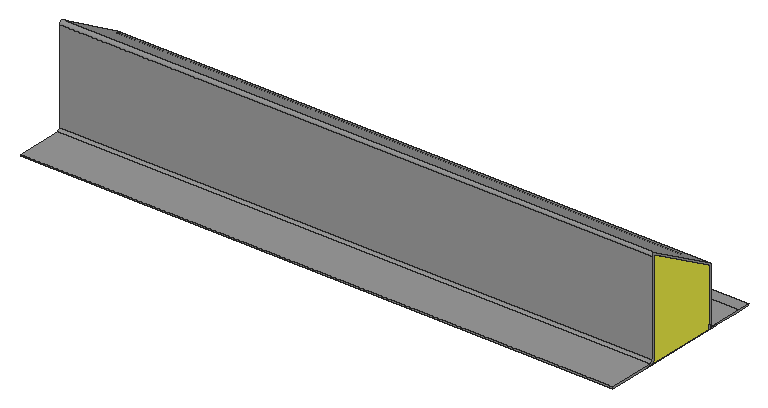
Revit family "HDK 150", category Generic Models, Revit 2014
Parameters (values of type "Max lintel length 4000mm")
  URL = "http://www.keystonelintels.co.uk"
  Structural Opening [instance] = 900 mm
  Structural Performance = "The Keystone lintel range has safe working loads as detailed in each applicable loading table in the Keystone Lintel Guide brochure. The structural performance figures within each table have been ascertained by testing in accordance with the requirements of standards BS EN 5977-2: 1983 and BS EN 845-2: 2003."
  RIBA Productor Selector = "available for Keystone Lintels Ltd from Keystone Lintels Ltd from ribaproductselector.com"
  Model = "HD/K 150"
  Min Length = 600 mm
  Min Clear Span = 300 mm
  Max Length = 4000 mm
  Max Clear Span = 4800 mm
  Material - Stainless Steel = "Grade 304 2b 1.4307 to BS EN 10088-2. Other grades available on request: contact manufacturer."
  Material - Galvanised Steel = "To BS EN 10346: 2009. DX51D plus Z600 or grade Z275 to BS 5977-2: 1983 (BS EN 845-2: 2003)."
  Manufacturer = "Keystone"
  Manufactured Length [instance] = (roundup(Effective Length / 150 mm) * 150 mm)  # 1200 mm
  Lintel height [instance] = 2100 mm
  Keynote = "F30/755"
  Fire Performance = "Keystone lintels have been subjected to a fire test (WARRES No. 101263) in accordance with BS 476-20: 1987, at Exova Warrington Fire and achieved a one hour fire performance."
  End Bearing = 150 mm
  Effective Length [instance] = Clear Opening with MIN MAX set + End Bearing * 2  # 1200 mm
  Corrosion = "Keystone’s standard range of lintels are manufactured from high quality grade pre-galvanized carbon steel with a zinc coating of 600"
  Contact Tel = "+44 (0)28 8676 2184"
  Contact Email = "info@keystonelintels.co.uk"
  Clear Opening with MIN MAX set [instance] = if(Structural Opening < Min Clear Span, Min Clear Span, (if(Structural Opening > Max Clear Span, Max Clear Span, Structural Opening)))  # 900 mm
  CPD Information = "Available for Keystone Lintels Ltd from ribacpd.com"
Reference planes
  plane 1 "Center (Front/Back)": y = 0
  plane 2: z = 0
  plane 3 "Center (Left/Right)": x = 0
  plane 4: x = -600
  plane 5: x = 600
  plane 6: z = 2100
  plane 7: x = -450
  plane 8: x = 450
Forms (mm)
  Extrusion 1, solid, material "Steel"
    sketch origin (0, 713.492, -510.749) x (0, 1, 0) y (0, 0, 1)
      loop
        line (-545.482, 2613.033) -> (-570.491, 2613.949) -> (-635.491, 2613.949)
        arc (-635.491, 2613.949) -> (-639.026, 2615.414) -> (-640.491, 2618.949) r 5
        line (-640.491, 2618.949) -> (-640.491, 2725.945)
        arc (-640.491, 2725.945) -> (-641.186, 2728.544) -> (-643.087, 2730.447) r 5.2
        line (-643.087, 2730.447) -> (-780.692, 2810.036)
        arc (-780.692, 2810.036) -> (-785.892, 2810.036) -> (-788.491, 2805.532) r 5.198
        line (-788.491, 2805.532) -> (-788.491, 2618.949)
        arc (-788.491, 2618.949) -> (-789.955, 2615.414) -> (-793.491, 2613.949) r 5
        line (-793.491, 2613.949) -> (-888.491, 2613.949) -> (-888.491, 2610.749) -> (-793.491, 2610.749)
        arc (-793.491, 2610.749) -> (-787.693, 2613.151) -> (-785.291, 2618.949) r 8.2
        line (-785.291, 2618.949) -> (-785.291, 2805.532)
        arc (-785.291, 2805.532) -> (-784.292, 2807.263) -> (-782.294, 2807.266) r 2
        line (-782.294, 2807.266) -> (-644.689, 2727.677)
        arc (-644.689, 2727.677) -> (-643.958, 2726.945) -> (-643.691, 2725.945) r 2
        line (-643.691, 2725.945) -> (-643.691, 2618.949)
        arc (-643.691, 2618.949) -> (-641.289, 2613.151) -> (-635.491, 2610.749) r 8.2
        line (-635.491, 2610.749) -> (-570.549, 2610.749) -> (-545.599, 2609.835) -> (-545.482, 2613.033)
    from -600 to 600
  Extrusion 2, solid, material "Insulation"
    sketch origin (0, 713.492, -510.749) x (0, 1, 0) y (0, 0, 1)
      loop
        line (-643.691, 2618.949) -> (-643.691, 2725.945)
        arc (-643.691, 2725.945) -> (-643.958, 2726.945) -> (-644.689, 2727.677) r 2
        line (-644.689, 2727.677) -> (-782.294, 2807.266)
        arc (-782.294, 2807.266) -> (-784.292, 2807.263) -> (-785.291, 2805.532) r 2
        line (-785.291, 2805.532) -> (-785.291, 2618.949)
        arc (-785.291, 2618.949) -> (-787.693, 2613.151) -> (-793.491, 2610.749) r 8.2
        line (-793.491, 2610.749) -> (-644.689, 2610.749) -> (-644.689, 2618.749) -> (-643.689, 2618.749) -> (-643.689, 2610.749) -> (-635.491, 2610.749)
        arc (-635.491, 2610.749) -> (-641.289, 2613.151) -> (-643.691, 2618.949) r 8.2
    from -600 to 600
  Extrusion 3, solid, material "Steel"
    sketch origin (0, 713.492, -510.749) x (0, 1, 0) y (0, 0, 1)
      loop
        line (-643.689, 2610.749) -> (-643.689, 2618.749) -> (-644.689, 2618.749) -> (-644.689, 2610.749) -> (-801.689, 2610.749) -> (-801.689, 2609.749) -> (-626.689, 2609.749) -> (-626.689, 2610.749) -> (-643.689, 2610.749)
    from -600 to 600
  Extrusion 4, solid, not visible
    sketch origin (0, 941.053, 1144.876) x (0, 1, 0) y (0, 0, 1)
      loop
        line (-545.482, 1013.033) -> (-570.491, 1013.949) -> (-635.491, 1013.949)
        arc (-635.491, 1013.949) -> (-639.026, 1015.414) -> (-640.491, 1018.949) r 5
        line (-640.491, 1018.949) -> (-640.491, 1125.945)
        arc (-640.491, 1125.945) -> (-641.186, 1128.544) -> (-643.087, 1130.447) r 5.2
        line (-643.087, 1130.447) -> (-780.692, 1210.036)
        arc (-780.692, 1210.036) -> (-785.892, 1210.036) -> (-788.491, 1205.532) r 5.198
        line (-788.491, 1205.532) -> (-788.491, 1018.949)
        arc (-788.491, 1018.949) -> (-789.955, 1015.414) -> (-793.491, 1013.949) r 5
        line (-793.491, 1013.949) -> (-888.491, 1013.949) -> (-888.491, 1010.749) -> (-793.491, 1010.749)
        arc (-793.491, 1010.749) -> (-787.693, 1013.151) -> (-785.291, 1018.949) r 8.2
        line (-785.291, 1018.949) -> (-785.291, 1205.532)
        arc (-785.291, 1205.532) -> (-784.292, 1207.263) -> (-782.294, 1207.266) r 2
        line (-782.294, 1207.266) -> (-644.689, 1127.677)
        arc (-644.689, 1127.677) -> (-643.958, 1126.945) -> (-643.691, 1125.945) r 2
        line (-643.691, 1125.945) -> (-643.691, 1018.949)
        arc (-643.691, 1018.949) -> (-641.289, 1013.151) -> (-635.491, 1010.749) r 8.2
        line (-635.491, 1010.749) -> (-570.549, 1010.749) -> (-545.599, 1009.835) -> (-545.482, 1013.033)
    from 0 to 250
  Extrusion 5, solid, not visible
    sketch origin (0, 483.691, 1217.88) x (0, 1, 0) y (0, 0, 1)
      loop
        line (-643.691, 1018.949) -> (-643.691, 1125.945)
        arc (-643.691, 1125.945) -> (-643.958, 1126.945) -> (-644.689, 1127.677) r 2
        line (-644.689, 1127.677) -> (-782.294, 1207.266)
        arc (-782.294, 1207.266) -> (-784.292, 1207.263) -> (-785.291, 1205.532) r 2
        line (-785.291, 1205.532) -> (-785.291, 1018.949)
        arc (-785.291, 1018.949) -> (-787.693, 1013.151) -> (-793.491, 1010.749) r 8.2
        line (-793.491, 1010.749) -> (-644.689, 1010.749) -> (-644.689, 1018.749) -> (-643.689, 1018.749) -> (-643.689, 1010.749) -> (-635.491, 1010.749)
        arc (-635.491, 1010.749) -> (-641.289, 1013.151) -> (-643.691, 1018.949) r 8.2
    from 0 to 250
  Extrusion 6, solid, not visible
    sketch origin (0, 442.425, 924.596) x (0, 1, 0) y (0, 0, 1)
      loop
        line (-643.689, 1010.749) -> (-643.689, 1018.749) -> (-644.689, 1018.749) -> (-644.689, 1010.749) -> (-801.689, 1010.749) -> (-801.689, 1009.749) -> (-626.689, 1009.749) -> (-626.689, 1010.749) -> (-643.689, 1010.749)
    from 0 to 250
Dimensions and locks
  equal spacing: plane 4, plane 3 "Center (Left/Right)", plane 5
  "Manufactured Length": plane 4 to plane 5
  "Lintel height": plane 6 to level
  "Structural Opening": plane 7 to plane 8
  equal spacing: plane 7, plane 3 "Center (Left/Right)", plane 8
  aligned and locked: level to plane 2
  aligned and locked: Extrusion 1 to plane 6
  aligned and locked: Extrusion 2 to plane 6
  aligned and locked: plane 6 to Extrusion 3
  aligned and locked: plane 5 to Extrusion 1
  aligned and locked: Extrusion 1 to plane 4
  aligned and locked: plane 5 to Extrusion 2
  aligned and locked: Extrusion 2 to plane 4
  aligned and locked: Extrusion 3 to plane 4
  aligned and locked: plane 5 to Extrusion 3
Automatic sketch dimensions
  Extrusion 1 sketch curve to Extrusion 1 sketch curve = 0.117 mm
  Extrusion 1 sketch curve to Extrusion 1 sketch curve = 25.009 mm
  Extrusion 1 sketch curve to Extrusion 1 sketch curve = 3.198 mm
  Extrusion 1 sketch curve to Extrusion 1 sketch curve = 0.059 mm
  Extrusion 1 sketch curve to Extrusion 1 sketch curve = 64.941 mm
  Extrusion 1 sketch curve to Extrusion 1 sketch curve = 0 mm  (x13)
  Extrusion 1 sketch curve to Extrusion 1 sketch curve = 5 mm  (x2)
  Extrusion 1 sketch curve to Extrusion 1 sketch curve = 106.996 mm
  Extrusion 1 sketch curve to Extrusion 1 sketch curve = 2 mm
  Extrusion 1 sketch curve to Extrusion 1 sketch curve = 0.999 mm
  Extrusion 1 sketch curve to Extrusion 1 sketch curve = 1.602 mm  (x2)
  Extrusion 1 sketch curve to Extrusion 1 sketch curve = 137.605 mm
  Extrusion 1 sketch curve to Extrusion 1 sketch curve = 79.589 mm
  Extrusion 1 sketch curve to Extrusion 1 sketch curve = 2.77 mm
  Extrusion 1 sketch curve to Extrusion 1 sketch curve = 0.997 mm
  Extrusion 1 sketch curve to Extrusion 1 sketch curve = 1.734 mm
  Extrusion 1 sketch curve to Extrusion 1 sketch curve = 0.002 mm
  Extrusion 1 sketch curve to Extrusion 1 sketch curve = 0.003 mm
  Extrusion 1 sketch curve to Extrusion 1 sketch curve = 3.2 mm
  Extrusion 1 sketch curve to Extrusion 1 sketch curve = 95 mm
  Extrusion 2 sketch curve to Extrusion 2 sketch curve = 2 mm
  Extrusion 2 sketch curve to Extrusion 2 sketch curve = 0.997 mm
  Extrusion 2 sketch curve to Extrusion 2 sketch curve = 137.6 mm
  Extrusion 2 sketch curve to Extrusion 2 sketch curve = 1.001 mm
  Extrusion 2 sketch curve to Extrusion 2 sketch curve = 1.002 mm
  Extrusion 2 sketch curve to Extrusion 2 sketch curve = 0.999 mm
  Extrusion 2 sketch curve to Extrusion 2 sketch curve = 1 mm
  Extrusion 2 sketch curve to Extrusion 2 sketch curve = 8.2 mm  (x2)
  Extrusion 2 sketch curve to Extrusion 2 sketch curve = 0 mm
  Extrusion 2 sketch curve to Extrusion 2 sketch curve = 0.2 mm
  Extrusion 2 sketch curve to Extrusion 2 sketch curve = 106.996 mm
  Extrusion 2 sketch curve to Extrusion 2 sketch curve = 79.587 mm
  Extrusion 3 sketch curve to Extrusion 3 sketch curve = 17 mm
  Extrusion 3 sketch curve to Extrusion 3 sketch curve = 8 mm
  Extrusion 3 sketch curve to Extrusion 3 sketch curve = 1 mm  (x2)
  Extrusion 3 sketch curve to Extrusion 3 sketch curve = 0 mm
  Extrusion 3 sketch curve to Extrusion 3 sketch curve = 157 mm
  Extrusion 4 sketch curve to Extrusion 4 sketch curve = 0.117 mm
  Extrusion 4 sketch curve to Extrusion 4 sketch curve = 25.009 mm
  Extrusion 4 sketch curve to Extrusion 4 sketch curve = 3.198 mm
  Extrusion 4 sketch curve to Extrusion 4 sketch curve = 0.059 mm
  Extrusion 4 sketch curve to Extrusion 4 sketch curve = 64.941 mm
  Extrusion 4 sketch curve to Extrusion 4 sketch curve = 0 mm  (x13)
  Extrusion 4 sketch curve to Extrusion 4 sketch curve = 5 mm  (x2)
  Extrusion 4 sketch curve to Extrusion 4 sketch curve = 106.996 mm
  Extrusion 4 sketch curve to Extrusion 4 sketch curve = 2 mm
  Extrusion 4 sketch curve to Extrusion 4 sketch curve = 0.999 mm
  Extrusion 4 sketch curve to Extrusion 4 sketch curve = 1.602 mm  (x2)
  Extrusion 4 sketch curve to Extrusion 4 sketch curve = 137.605 mm
  Extrusion 4 sketch curve to Extrusion 4 sketch curve = 79.589 mm
  Extrusion 4 sketch curve to Extrusion 4 sketch curve = 2.77 mm
  Extrusion 4 sketch curve to Extrusion 4 sketch curve = 0.997 mm
  Extrusion 4 sketch curve to Extrusion 4 sketch curve = 1.734 mm
  Extrusion 4 sketch curve to Extrusion 4 sketch curve = 0.002 mm
  Extrusion 4 sketch curve to Extrusion 4 sketch curve = 0.003 mm
  Extrusion 4 sketch curve to Extrusion 4 sketch curve = 3.2 mm
  Extrusion 4 sketch curve to Extrusion 4 sketch curve = 95 mm
  Extrusion 5 sketch curve to Extrusion 5 sketch curve = 2 mm
  Extrusion 5 sketch curve to Extrusion 5 sketch curve = 0.997 mm
  Extrusion 5 sketch curve to Extrusion 5 sketch curve = 137.6 mm
  Extrusion 5 sketch curve to Extrusion 5 sketch curve = 1.001 mm
  Extrusion 5 sketch curve to Extrusion 5 sketch curve = 1.002 mm
  Extrusion 5 sketch curve to Extrusion 5 sketch curve = 0.999 mm
  Extrusion 5 sketch curve to Extrusion 5 sketch curve = 1 mm
  Extrusion 5 sketch curve to Extrusion 5 sketch curve = 8.2 mm  (x2)
  Extrusion 5 sketch curve to Extrusion 5 sketch curve = 0 mm
  Extrusion 5 sketch curve to Extrusion 5 sketch curve = 0.2 mm
  Extrusion 5 sketch curve to Extrusion 5 sketch curve = 106.996 mm
  Extrusion 5 sketch curve to Extrusion 5 sketch curve = 79.587 mm
  Extrusion 6 sketch curve to Extrusion 6 sketch curve = 17 mm
  Extrusion 6 sketch curve to Extrusion 6 sketch curve = 8 mm
  Extrusion 6 sketch curve to Extrusion 6 sketch curve = 1 mm  (x2)
  Extrusion 6 sketch curve to Extrusion 6 sketch curve = 0 mm
  Extrusion 6 sketch curve to Extrusion 6 sketch curve = 157 mm
  Extrusion 2 sketch curve to plane 6 = 0 mm
  plane 1 "Center (Front/Back)" to Extrusion 2 sketch curve = 79.999 mm
  Extrusion 1 sketch curve to plane 6 = 0 mm
  plane 1 "Center (Front/Back)" to Extrusion 1 sketch curve = 174.999 mm
  Extrusion 3 sketch curve to plane 6 = 0 mm
  plane 1 "Center (Front/Back)" to Extrusion 3 sketch curve = 88.197 mm
